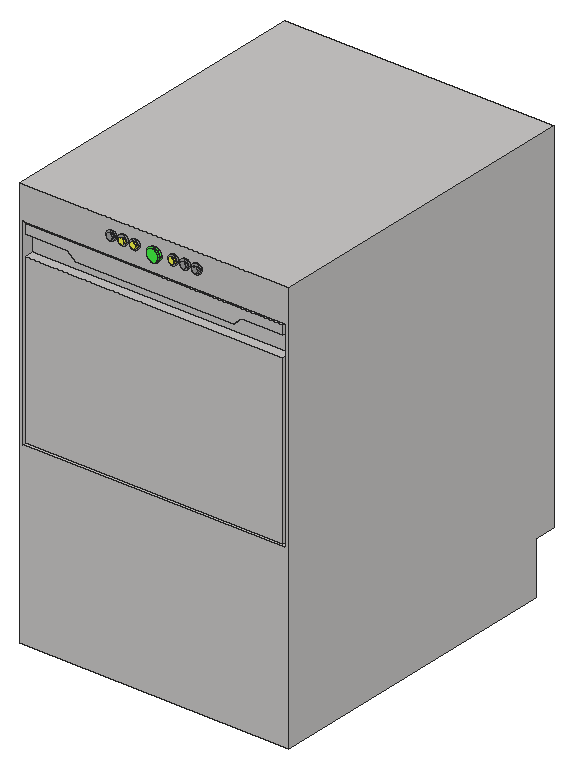
Revit family "QF_ELECTROLUXPROFESSIONAL_402219_ESICWP6", category Specialty Equipment, Revit 2018
Family settings
  Round Connector Dimension = Use Diameter
  Part Type = Normal
  Work Plane-Based = No
  Always vertical = Yes
  Cut with Voids When Loaded = No
  Shared = No
  Room Calculation Point = No
Parameters
  Weight = 37.00 kg
  Watts = 0 W
  Volts = 0 V
  URL Manufacturer = ""
  URL = "http://professional.electrolux.com/"
  Steam Supply Size = 0 mm
  Steam Supply Minimum Pressure = 0.0 Pa
  Steam Supply Maximum Pressure = 0.0 Pa
  Steam Pounds per Hour = 0
  Show Logo [instance] = yes
  Show Clearance [instance] = yes
  Refrigeration Suction Line Size = 0 mm
  Refrigeration Liquid Line Size = 0 mm
  Refrigerant Compressor Remote = yes
  Manufacturer = ""
  Phase = 0
  Model = ""
  Length Actual = 460 mm  # constant formula
  Item Number = ""
  Hot Water Size = 0 mm
  Height Actual = 715 mm  # constant formula
  HP = "4.4 HP"
  Gas Size = 0 mm
  Gas KW = 0
  Gas Input Pressure = 0 W
  Direct Waste Size = 27 mm
  Description = ""
  Depth Actual = 565 mm  # constant formula
  Cycle = 0 Hz
  Condensate Return Size = 0 mm
  Compressed Air Volume = 0.0 L/s
  Compressed Air Size = 0 mm
  Compressed Air Pressure = 0.0 Pa
  Cold Water Size = 0 mm
  Accessory = yes
Types (2, lengths in mm): name | Volts | URL Manufacturer | URL | Manufacturer | Phase | Model | Item Number | Description | Cycle | Cold Water Size
  (no name) | 0 V | "" | "http://professional.electrolux.com/" | "" | 0 | "" | "" | "" | 0 Hz | 0
  Standard | 230 V | "http://professional.electrolux.com" | "http://professional.electrolux.com" | "Electrolux Professional" | 1 | "ESICWP6" | "402219" | "GLASSWASHER(S) DOUBLE SKIN, COLD RINSE, WS, DP, 30B/H-60Hz" | 60 Hz | 19.05
Reference planes
  plane 1 "Center (Front/Back)": y = 0
  plane 2: z = 0
  plane 3 "Center (Left/Right)": x = 0
  plane 4 "LEFT": x = -230
  plane 5 "RIGHT": x = 230
  plane 6 "FRONT": y = -282.5
  plane 7 "BACK": y = 282.5
  plane 8: x = -202.5
  plane 9: x = 202.5
  plane 10: z = 715
  plane 11: z = 10
Forms (mm)
  Extrusion 1, solid, material "QF_Finishes_Stainless Steel"
    sketch origin (0, 0, 0) x (1, 0, 0) y (0, 1, 0)
      loop
        line (-230, -282.5) -> (230, -282.5) -> (230, 243.5) -> (-230, 243.5) -> (-230, -282.5)
    from 10 to 715
  Extrusion 2, solid, material "QF_Finishes_Stainless Steel"
    sketch origin (0, 0, 0) x (1, 0, 0) y (0, 1, 0)
      loop
        line (-230, 243.5) -> (230, 243.5) -> (230, 282.5) -> (-230, 282.5) -> (-230, 243.5)
    from 100 to 715
  Extrusion 3, solid, material "QF_Finishes_Stainless Steel"
    sketch origin (0, 0, 0) x (1, 0, 0) y (0, 1, 0)
      loop
        circle (-202.5, 184.5) r 12.5
      loop
        circle (202.5, 184.5) r 12.5
      loop
        circle (-202.5, -235.5) r 12.5
      loop
        circle (202.5, -235.5) r 12.5
    from 0 to 10
  Extrusion 4, void
    sketch origin (-230, -282.5, 0) x (-1, 0, 0) y (0, 0, 1)
      loop
        line (-5, 658.217) -> (-455, 658.217) -> (-455, 315) -> (-5, 315) -> (-5, 658.217)
    from 0 to 30
  Extrusion 5, solid, material "QF_Finishes_Stainless Steel"
    sketch origin (-53, -392, 738) x (0, 0, -1) y (1, 0, 0)
      loop
        circle (693, 213) r 10
    from -635.5 to -674.5
  Extrusion 6, solid, material "QF_Door-Drawer Clearances", visible <- "Show Clearance", detail levels coarse
    sketch origin (-230, -282.5, 0) x (0, 1, 0) y (0, 0, -1)
      loop
        line (0, -315) -> (-315, -315)
        arc (-315, -315) -> (-223.2, -545.869) -> (0, -655) r 344.605
        line (0, -655) -> (0, -315)
    from -10 to -450
  Extrusion 7, solid, material "QF_Finishes_Stainless Steel"
    sketch origin (-242.481, -392, 738) x (0, 0, -1) y (1, 0, 0)
      loop
        circle (663, 322.481) r 8
    from -635.5 to -674.5
  Extrusion 8, solid, material "QF_Finishes_Green"
    sketch origin (234, -282.5, -28.75) x (-1, 0, 0) y (0, 0, -1)
      loop
        circle (234, -714.569) r 10
    from 0 to 5
  Extrusion 9, solid, material "QF_Finishes_Gray"
    sketch origin (234, -282.5, -24.375) x (-1, 0, 0) y (0, 0, -1)
      loop
        circle (306.936, -713.972) r 5
    from 0 to 5
  Extrusion 10, solid, material "QF_Finishes_Stainless Steel"
    sketch origin (-230, -282.5, 0) x (0, 1, 0) y (0, 0, -1)
      loop
        line (0, -319.622) -> (0, -605) -> (15, -605) -> (15, -655) -> (25, -655) -> (25, -319.622) -> (0, -319.622)
    from -10 to -450
  Extrusion 11, solid, material "QF_Finishes_Stainless Steel"
    sketch origin (-230, -282.5, 0) x (0, 1, 0) y (0, 0, -1)
      loop
        line (15, -655) -> (15, -652.514) -> (2.5, -652.514) -> (2.5, -626.25) -> (0, -626.25) -> (0, -655) -> (15, -655)
    from -10 to -450
  Extrusion 12, void
    sketch origin (-230, -282.5, 655) x (0, 0, 1) y (1, 0, 0)
      loop
        line (-15.552, 10) -> (-15.552, 81.607) -> (-28.75, 94.804) -> (-28.75, 10) -> (-15.552, 10)
      loop
        line (-15.552, 450) -> (-28.75, 450) -> (-28.75, 365.196) -> (-15.552, 378.393) -> (-15.552, 450)
    from 0 to 2.5
  Extrusion 13, solid, material "QF_Finishes_Stainless Steel"
    sketch origin (-328, -392, 738) x (0, 0, -1) y (1, 0, 0)
      loop
        circle (663, 228) r 8
    from -635.5 to -674.5
  Extrusion 14, solid, material "QF_Finishes_Green"
    sketch origin (-230, -282.5, 0) x (1, 0, 0) y (0, 0, 1)
      loop
        circle (230, 685.819) r 12
      loop
        circle (230, 685.819) r 10
    from 0 to 2.5
  Extrusion 15, solid, material "QF_Finishes_Gray"
    sketch origin (-210, -282.5, -28.75) x (1, 0, 0) y (0, 0, 1)
      loop
        circle (262.936, 718.347) r 8
      loop
        circle (262.936, 718.347) r 5
      loop
        circle (242.936, 718.347) r 8
      loop
        circle (242.936, 718.347) r 5
      loop
        circle (282.936, 718.347) r 8
      loop
        circle (282.936, 718.347) r 5
    from 0 to 2.5
  Extrusion 16, solid, material "QF_Finishes_Gray"
    sketch origin (-234, -282.5, -24.375) x (1, 0, 0) y (0, 0, 1)
      loop
        circle (286.936, 713.972) r 5
      loop
        circle (306.936, 713.972) r 5
    from 0 to 5
  Extrusion 17, solid, material "QF_Finishes_Gray"
    sketch origin (210, -282.5, -28.75) x (-1, 0, 0) y (0, 0, -1)
      loop
        circle (262.936, -718.347) r 8
      loop
        circle (262.936, -718.347) r 5
      loop
        circle (242.936, -718.347) r 8
      loop
        circle (242.936, -718.347) r 5
      loop
        circle (282.936, -718.347) r 8
      loop
        circle (282.936, -718.347) r 5
    from 0 to 2.5
  Extrusion 18, solid, material "QF_Finishes_Yellow"
    sketch origin (254, -282.5, -24.375) x (-1, 0, 0) y (0, 0, -1)
      loop
        circle (306.936, -713.972) r 5
    from 0 to 5
  Extrusion 19, solid, material "QF_Finishes_Yellow"
    sketch origin (274, -282.5, -24.375) x (-1, 0, 0) y (0, 0, -1)
      loop
        circle (306.936, -713.972) r 5
    from 0 to 5
  Extrusion 20, solid, material "QF_Finishes_Yellow"
    sketch origin (339.871, -282.5, -24.375) x (-1, 0, 0) y (0, 0, -1)
      loop
        circle (306.936, -713.972) r 5
    from 0 to 5
Cuts and joins
  Extrusion 4 cuts Extrusion 1
  joined: Extrusion 1, Extrusion 2
  Extrusion 12 cuts Extrusion 10
  Extrusion 12 cuts Extrusion 11
Lines and regions (mm)
  Split face 1
    outline origin (-230, -282.5, 715) x (0, 0, -1) y (1, 0, 0)
      loop
        line (35, 0) -> (35, 60) -> (49.142, 74.142) -> (49.142, 214.142) -> (11.456, 214.142)
        arc (11.456, 214.142) -> (9.82, 214.82) -> (9.142, 216.456) r 2.314
        line (9.142, 216.456) -> (9.142, 230) -> (9.142, 243.544)
        arc (9.142, 243.544) -> (9.82, 245.18) -> (11.456, 245.858) r 2.314
        line (11.456, 245.858) -> (49.142, 245.858) -> (49.142, 385.858) -> (35, 400) -> (35, 460)
      loop
        line (56.783, 5) -> (56.783, 0)
      loop
        line (56.783, 455) -> (56.783, 460)
  symbolic lines
    curve 1: line (-230, 282.5, 0) -> (230, 282.5, 0)
    curve 2: line (-230, -282.5, 0) -> (-230, 282.5, 0)
    curve 3: line (230, -282.5, 0) -> (-230, -282.5, 0)
    curve 4: line (230, 282.5, 0) -> (230, -282.5, 0)
    curve 9: line (-80.94, -285, 0) -> (-80.94, -282.5, 0)
    curve 10: line (-64.948, -285, 0) -> (-64.948, -282.5, 0)
    curve 11: line (-77.926, -287.5, 0) -> (-67.936, -287.5, 0)
    curve 12: line (-67.936, -287.5, 0) -> (-67.936, -285, 0)
    curve 13: line (-77.926, -287.5, 0) -> (-77.926, -285, 0)
    curve 14: line (-60.936, -285, 0) -> (-44.936, -285, 0)
    curve 15: line (-44.936, -285, 0) -> (-44.936, -282.5, 0)
    curve 16: line (-60.936, -285, 0) -> (-60.936, -282.5, 0)
    curve 17: line (-57.936, -287.5, 0) -> (-47.936, -287.5, 0)
    curve 18: line (-47.936, -287.5, 0) -> (-47.936, -285, 0)
    curve 19: line (-57.936, -287.5, 0) -> (-57.936, -285, 0)
    curve 20: line (-40.936, -285, 0) -> (-24.936, -285, 0)
    curve 21: line (-24.936, -285, 0) -> (-24.936, -282.5, 0)
    curve 22: line (-40.936, -285, 0) -> (-40.936, -282.5, 0)
    curve 23: line (-37.936, -287.5, 0) -> (-27.936, -287.5, 0)
    curve 24: line (-27.936, -287.5, 0) -> (-27.936, -285, 0)
    curve 25: line (-37.936, -287.5, 0) -> (-37.936, -285, 0)
    curve 26: line (24.936, -285, 0) -> (40.936, -285, 0)
    curve 27: line (40.936, -285, 0) -> (40.936, -282.5, 0)
    curve 28: line (27.936, -287.5, 0) -> (37.936, -287.5, 0)
    curve 29: line (37.936, -287.5, 0) -> (37.936, -285, 0)
    curve 30: line (27.936, -287.5, 0) -> (27.936, -285, 0)
    curve 31: line (24.936, -285, 0) -> (24.936, -282.5, 0)
    curve 32: line (-12, -285, 0) -> (12, -285, 0)
    curve 33: line (12, -285, 0) -> (12, -282.5, 0)
    curve 34: line (-12, -285, 0) -> (-12, -282.5, 0)
    curve 35: line (-10, -287.5, 0) -> (10, -287.5, 0)
    curve 36: line (10, -287.5, 0) -> (10, -285, 0)
    curve 37: line (-10, -287.5, 0) -> (-10, -285, 0)
    curve 39: line (44.936, -285, 0) -> (60.936, -285, 0)
    curve 40: line (60.936, -285, 0) -> (60.936, -282.5, 0)
    curve 41: line (47.936, -287.5, 0) -> (57.936, -287.5, 0)
    curve 42: line (57.936, -287.5, 0) -> (57.936, -285, 0)
    curve 43: line (47.936, -287.5, 0) -> (47.936, -285, 0)
    curve 44: line (44.936, -285, 0) -> (44.936, -282.5, 0)
    curve 45: line (64.936, -285, 0) -> (80.936, -285, 0)
    curve 46: line (80.936, -285, 0) -> (80.936, -282.5, 0)
    curve 47: line (67.936, -287.5, 0) -> (77.936, -287.5, 0)
    curve 48: line (77.936, -287.5, 0) -> (77.936, -285, 0)
    curve 49: line (67.936, -287.5, 0) -> (67.936, -285, 0)
    curve 50: line (64.936, -285, 0) -> (64.936, -282.5, 0)
  symbolic lines, style "QF_Door-Drawer Clearances"
    curve 5: line (-220, -597.5, 0) -> (220, -597.5, 0)
    curve 6: line (220, -597.5, 0) -> (220, -282.5, 0)
    curve 7: line (-220, -597.5, 0) -> (-220, -282.5, 0)
  symbolic lines, style "SpecialityEquipment"
    curve 8: line (-80.94, -285, 0) -> (-64.948, -285, 0)
  symbolic lines, style "SpecialityEquipmentHiddenLines"
    curve 38: line (-230, 243.5, 0) -> (230, 243.5, 0)
Dimensions and locks
  equal spacing: plane 4 "LEFT", plane 3 "Center (Left/Right)", plane 5 "RIGHT"
  equal spacing: plane 7 "BACK", plane 1 "Center (Front/Back)", plane 6 "FRONT"
  plane 7 "BACK" to plane 6 "FRONT" = 565 mm
  plane 4 "LEFT" to plane 5 "RIGHT" = 460 mm
  plane 4 "LEFT" to plane 8 = 27.5 mm
  plane 9 to plane 5 "RIGHT" = 27.5 mm
  locked: plane 11 to level at 10
  plane 4 "LEFT" to plane 3 "Center (Left/Right)" = 230 mm
  plane 10 to level = 715 mm  (x2)
  plane 8 to plane 9 = 405 mm
  level to Extrusion 13 sketch curve = 75 mm
  Extrusion 13 sketch curve to plane 4 "LEFT" = 130 mm
  level to Extrusion 5 sketch curve = 45 mm
  Extrusion 5 sketch curve to plane 4 "LEFT" = 390 mm
  Extrusion 7 sketch curve to plane 4 "LEFT" = 310 mm
  level to Extrusion 7 sketch curve = 75 mm
  locked: Extrusion 3 to cut or joined group of Extrusion 1, Extrusion 2, Extrusion 4 at 98
  Extrusion 3 to Extrusion 3 = 420 mm
  locked: plane 6 "FRONT" to Extrusion 3 at 47
  plane 9 to plane 8 = 405 mm
  plane 7 "BACK" to curve 5 = 880 mm
  cut or joined group of Extrusion 10, Extrusion 12 to cut or joined group of Extrusion 1, Extrusion 2, Extrusion 4 = 290 mm
  aligned and locked: level to plane 2
  aligned and locked: Extrusion 1 sketch curve to plane 6 "FRONT"
  aligned and locked: Extrusion 1 sketch curve to plane 4 "LEFT"
  aligned and locked: plane 5 "RIGHT" to Extrusion 1 sketch curve
  aligned and locked: Extrusion 1 to plane 11
  aligned and locked: Extrusion 2 sketch curve to Extrusion 1  (x2)
  aligned and locked: plane 7 "BACK" to Extrusion 2 sketch curve
  aligned and locked: plane 5 "RIGHT" to Extrusion 2 sketch curve
  aligned and locked: plane 11 to Extrusion 3
  aligned and locked: Extrusion 2 to Extrusion 5
  aligned and locked: Extrusion 2 to Extrusion 7
  aligned and locked: plane 7 "BACK" to Extrusion 7
  aligned and locked: plane 7 "BACK" to Extrusion 5
  aligned and locked: cut or joined group of Extrusion 11, Extrusion 12 to Extrusion 12
  aligned and locked: plane 10 to Extrusion 2
Automatic sketch dimensions
  curve 1 to plane 4 "LEFT" = 0 mm
  curve 7 to plane 6 "FRONT" = 0 mm
  curve 4 to plane 5 "RIGHT" = 0 mm
  curve 2 to plane 7 "BACK" = 0 mm
  plane 4 "LEFT" to curve 5 = 10 mm
  curve 8 to plane 6 "FRONT" = 2.5 mm
  curve 8 to plane 3 "Center (Left/Right)" = 80.94 mm
  curve 8 to curve 11 = 3.013 mm
  curve 11 to curve 11 = 9.991 mm
  curve 12 to curve 10 = 2.987 mm
  curve 8 to curve 16 = 4.013 mm
  curve 14 to curve 19 = 3 mm
  curve 17 to plane 6 "FRONT" = 5 mm
  curve 17 to curve 17 = 10 mm
  curve 18 to curve 14 = 3 mm
  curve 14 to curve 20 = 4 mm
  curve 20 to curve 25 = 3 mm
  curve 24 to plane 6 "FRONT" = 5 mm
  curve 23 to curve 24 = 10 mm
  curve 24 to curve 21 = 3 mm
  curve 34 to plane 6 "FRONT" = 2.5 mm
  curve 34 to plane 3 "Center (Left/Right)" = 12 mm
  curve 32 to curve 37 = 2 mm
  plane 3 "Center (Left/Right)" to curve 36 = 10 mm
  curve 36 to curve 33 = 2 mm
  curve 26 to plane 6 "FRONT" = 2.5 mm
  curve 32 to curve 26 = 12.936 mm
  curve 26 to curve 30 = 3 mm
  curve 28 to plane 6 "FRONT" = 5 mm
  curve 28 to curve 28 = 10 mm
  curve 29 to curve 27 = 3 mm
  curve 26 to curve 44 = 4 mm
  curve 39 to curve 43 = 3 mm
  curve 41 to plane 6 "FRONT" = 5 mm
  curve 41 to curve 41 = 10 mm
  curve 42 to curve 39 = 3 mm
  curve 39 to curve 50 = 4 mm
  curve 45 to curve 47 = 3 mm
  curve 47 to plane 6 "FRONT" = 5 mm
  curve 47 to curve 47 = 10 mm
  curve 48 to curve 45 = 3 mm
  curve 6 to plane 5 "RIGHT" = 10 mm
  curve 35 to curve 36 = 2.5 mm
  curve 11 to curve 13 = 2.5 mm
  curve 15 to plane 6 "FRONT" = 2.5 mm
  curve 20 to plane 6 "FRONT" = 2.5 mm
  curve 40 to plane 6 "FRONT" = 2.5 mm
  curve 45 to plane 6 "FRONT" = 2.5 mm
  curve 38 to plane 7 "BACK" = 39 mm
  Extrusion 1 sketch curve to plane 7 "BACK" = 39 mm
  Extrusion 3 sketch curve to plane 8 = 0 mm  (x2)
  Extrusion 3 sketch curve to plane 9 = 0 mm  (x2)
  plane 6 "FRONT" to Extrusion 3 sketch curve = 47 mm  (x2)
  Extrusion 3 sketch curve to plane 7 "BACK" = 98 mm  (x2)
  Extrusion 4 sketch curve to Extrusion 1 = 5 mm  (x2)
  Extrusion 4 sketch curve to Extrusion 1 = 305 mm
  Extrusion 4 sketch curve to Extrusion 1 = 56.783 mm
  Extrusion 6 sketch curve to plane 6 "FRONT" = 0 mm
  Extrusion 6 sketch curve to plane 6 "FRONT" = 315 mm
  plane 6 "FRONT" to Extrusion 6 sketch curve = 29.589 mm
  Extrusion 6 sketch curve to plane 10 = 60 mm
  plane 11 to Extrusion 6 sketch curve = 305 mm
  Extrusion 8 sketch curve to Extrusion 8 sketch curve = 0 mm  (x2)
  Extrusion 8 sketch curve to plane 3 "Center (Left/Right)" = 0 mm
  Extrusion 8 sketch curve to plane 10 = 29.181 mm
  plane 3 "Center (Left/Right)" to Extrusion 8 sketch curve = 10 mm
  Extrusion 9 sketch curve to Extrusion 9 sketch curve = 0 mm  (x2)
  Extrusion 9 sketch curve to plane 10 = 25.403 mm
  Extrusion 9 sketch curve to plane 3 "Center (Left/Right)" = 72.936 mm
  Extrusion 9 sketch curve to Extrusion 9 sketch curve = 5 mm
  Extrusion 10 sketch curve to plane 6 "FRONT" = 0 mm
  plane 6 "FRONT" to Extrusion 10 sketch curve = 15 mm
  Extrusion 10 sketch curve to Extrusion 10 sketch curve = 25 mm
  Extrusion 10 sketch curve to plane 10 = 60 mm
  Extrusion 10 sketch curve to Extrusion 10 sketch curve = 50 mm
  Extrusion 10 sketch curve to Extrusion 10 sketch curve = 285.378 mm
  Extrusion 11 sketch curve to plane 6 "FRONT" = 0 mm
  Extrusion 11 sketch curve to Extrusion 11 sketch curve = 2.5 mm
  Extrusion 11 sketch curve to Extrusion 11 sketch curve = 12.5 mm
  Extrusion 11 sketch curve to plane 10 = 60 mm
  Extrusion 11 sketch curve to Extrusion 11 sketch curve = 2.486 mm
  Extrusion 11 sketch curve to Extrusion 11 sketch curve = 26.264 mm
  Extrusion 12 sketch curve to Extrusion 11 = 0 mm  (x3)
  Extrusion 11 to Extrusion 12 sketch curve = 0 mm
  Extrusion 12 sketch curve to Extrusion 11 = 13.198 mm  (x2)
  Extrusion 12 sketch curve to Extrusion 11 = 71.607 mm
  Extrusion 12 sketch curve to Extrusion 12 sketch curve = 13.198 mm  (x2)
  Extrusion 12 sketch curve to Extrusion 11 = 84.804 mm
  Extrusion 14 sketch curve to Extrusion 14 sketch curve = 0 mm  (x2)
  Extrusion 1 to Extrusion 14 sketch curve = 29.181 mm
  Extrusion 1 to Extrusion 14 sketch curve = 230 mm
  Extrusion 15 sketch curve to Extrusion 15 sketch curve = 0 mm  (x8)
  plane 3 "Center (Left/Right)" to Extrusion 15 sketch curve = 32.936 mm
  Extrusion 15 sketch curve to Extrusion 15 sketch curve = 20 mm  (x2)
  Extrusion 15 sketch curve to plane 10 = 25.403 mm
  Extrusion 16 sketch curve to Extrusion 16 sketch curve = 0 mm  (x5)
  Extrusion 16 sketch curve to plane 10 = 25.403 mm
  plane 3 "Center (Left/Right)" to Extrusion 16 sketch curve = 52.936 mm
  Extrusion 16 sketch curve to Extrusion 16 sketch curve = 20 mm
  Extrusion 16 sketch curve to Extrusion 16 sketch curve = 5 mm  (x2)
  Split face 1 sketch curve to cut or joined group of Extrusion 1, Extrusion 2, Extrusion 4 = 0 mm  (x6)
  cut or joined group of Extrusion 1, Extrusion 2, Extrusion 4 to Split face 1 sketch curve = 0 mm  (x2)
  cut or joined group of Extrusion 1, Extrusion 2, Extrusion 4 to Split face 1 sketch curve = 7.641 mm  (x2)
  Split face 1 sketch curve to Split face 1 sketch curve = 14.142 mm  (x4)
  Split face 1 sketch curve to cut or joined group of Extrusion 1, Extrusion 2, Extrusion 4 = 11.456 mm  (x2)
  Split face 1 sketch curve to cut or joined group of Extrusion 1, Extrusion 2, Extrusion 4 = 9.142 mm
  Split face 1 sketch curve to cut or joined group of Extrusion 1, Extrusion 2, Extrusion 4 = 55 mm
  Split face 1 sketch curve to Split face 1 sketch curve = 140 mm
  Split face 1 sketch curve to Split face 1 sketch curve = 13.544 mm  (x2)
  Split face 1 sketch curve to cut or joined group of Extrusion 1, Extrusion 2, Extrusion 4 = 69.142 mm
  Extrusion 17 sketch curve to Extrusion 17 sketch curve = 0 mm  (x8)
  Extrusion 17 sketch curve to plane 3 "Center (Left/Right)" = 32.936 mm
  Extrusion 17 sketch curve to Extrusion 17 sketch curve = 20 mm  (x2)
  Extrusion 17 sketch curve to plane 10 = 25.403 mm
  Extrusion 18 sketch curve to Extrusion 18 sketch curve = 0 mm  (x2)
  Extrusion 18 sketch curve to plane 10 = 25.403 mm
  Extrusion 18 sketch curve to plane 3 "Center (Left/Right)" = 52.936 mm
  Extrusion 18 sketch curve to Extrusion 18 sketch curve = 5 mm
  Extrusion 19 sketch curve to Extrusion 19 sketch curve = 0 mm  (x2)
  Extrusion 19 sketch curve to plane 3 "Center (Left/Right)" = 32.936 mm
  Extrusion 19 sketch curve to plane 10 = 25.403 mm
  Extrusion 19 sketch curve to Extrusion 19 sketch curve = 5 mm
  Extrusion 20 sketch curve to Extrusion 20 sketch curve = 0 mm  (x2)
  plane 3 "Center (Left/Right)" to Extrusion 20 sketch curve = 32.936 mm
  Extrusion 20 sketch curve to plane 10 = 25.403 mm
  Extrusion 20 sketch curve to Extrusion 20 sketch curve = 5 mm
  radius of Extrusion 5 sketch curve = 10 mm
  radius of Extrusion 7 sketch curve = 8 mm
  radius of Extrusion 13 sketch curve = 8 mm
  radius of Extrusion 3 sketch curve = 12.5 mm  (x4)
  radius of Extrusion 14 sketch curve = 12 mm
  radius of Extrusion 14 sketch curve = 10 mm
  radius of Extrusion 15 sketch curve = 8 mm  (x3)
  radius of Extrusion 15 sketch curve = 5 mm  (x3)
  radius of Extrusion 17 sketch curve = 8 mm  (x3)
  radius of Extrusion 17 sketch curve = 5 mm  (x3)
Connectors
  piping at (160, 282.5, 45), diameter 20
    settings: on Extrusion 5, index 1, connector inside diameter 609.6 mm, connector length 0 mm, flow factor 0, pipe flow 0.0 L/s, pressure drop 0.0 Pa, fitting loss kfactor 0, connector angle 0.00°, fixture units 0, engagement length 0 mm, angle of deflection 0.00°, flow configuration 1, flow direction 1, fitting loss method 0, system type 16, joint type 0, gender type 0, connector reference index -1, connector utility 0, adjustable connector no, is connector primary yes, connector description "Drain"
  piping at (80, 282.5, 75), driven by "Cold Water Size"
    settings: on Extrusion 7, index 3, connector diameter 0 mm, connector inside diameter 609.6 mm, connector length 0 mm, flow factor 0, pipe flow 0.0 L/s, pressure drop 0.0 Pa, fitting loss kfactor 0, connector angle 0.00°, fixture units 0, engagement length 0 mm, angle of deflection 0.00°, flow configuration 1, flow direction 1, fitting loss method 0, system type 20, joint type 0, gender type 0, connector reference index -1, connector utility 0, adjustable connector no, is connector primary no, connector description "Cold Water Inlet"
  electrical at (-100, 282.5, 75), driven by "Volts"
    settings: on Extrusion 13, index 4, voltage 0 V, apparent load 0 VA, apparent load phase1 0 VA, apparent load phase2 0 VA, apparent load phase3 0 VA, power factor 1, load classification "Altro", number of poles 1, system type 31, power factor state 1, is connector primary yes, connector utility no, sub classification motor no, connector description "Electrical Connection"
